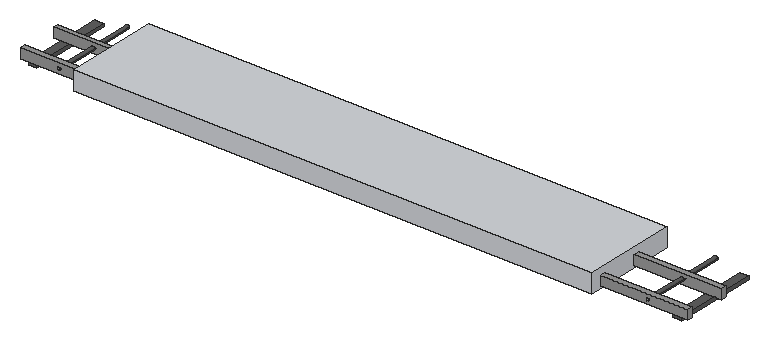
Revit family "1212-2, Solid", category Generic Models, host Face, Revit 2020
Family settings
  Host = Face
  Can host rebar = No
  Round Connector Dimension = Use Diameter
  Part Type = Normal
  Cut with Voids When Loaded = No
  Shared = No
  Room Calculation Point = No
Parameters
  min_value [instance] = 1' - 11 1/4"  # constant formula
  max_value [instance] = 11' - 11 1/4"  # constant formula
  actual_value [instance] = if(NET LENGTH < min_value, min_value, if(NET LENGTH > max_value, max_value, NET LENGTH))  # 7' - 11 1/4"
  NET LENGTH [instance] = 7' - 11 1/4"
  IMPORTANT NOTE!!!                                                                             *Backer & dowel layout is for visualization purposes only, final layout to be determined by 9Wood. [instance] = ""
  Default Elevation = 4' - 0"
  DOWEL RADIUS [instance] = 0' - 0 1/4"  # constant formula
  BACKING M MATERIAL [instance] = BLACK-BACKERS
  .. MEMBER WIDTH [instance] = 0' - 0 3/4"  # constant formula
  .. MEMBER MATERIAL [instance] = Solid Western Hemlock
  .. MEMBER DEPTH [instance] = 0' - 1 3/8"  # constant formula
  .. MEMBER COUNT [instance] = 2  # constant formula
Reference planes (in)
  plane 1 "Center (Front/Back)": y = 0
  plane 2: z = 2.726
  plane 3 "Center (Left/Right)": x = 0
Forms (in)
  Extrusion 1, solid
    sketch origin (15, -0.86619, -0.99308) x (0, 1, 0) y (-1, 0, 0)
      loop
        line (3.42869, -23.66817) -> (3.42869, 50.25) -> (-10, 50.25) -> (-10, -23.66817) -> (3.42869, -23.66817)
    from 3.71908 to 1.00111
Dimensions and locks (in)
  aligned and locked: plane 2 to Extrusion 1
Nested families (in)
  nested 1: "1200 Series" at (-44, -2, 1.87867), NET LENGTH <- "actual_value", DOWEL RADII <- "DOWEL RADIUS", .. MEMBER WIDTH <- ".. MEMBER WIDTH", .. MEMBER DEPTH <- ".. MEMBER DEPTH", .. MEMBER MATERIAL <- ".. MEMBER MATERIAL", BACKING M MATERIAL <- "BACKING M MATERIAL", .. MEMBER COUNT <- ".. MEMBER COUNT", type "1200 Series"
    with X 7' - 4", WIDTH 1' - 0 1/16", Space 0' - 0 11/16", START 0' - 0 3/8", SCRIM MATERIAL SCRIM, SCRIM 3 8' - 1", SCRIM 2 0' - 0 7/8", SCRIM 1 0' - 0 3/32", SCRIM yes, NET LENGTH 7' - 11 1/4", N 8, INSET 3 0' - 0 3/16", INSET 0' - 1", INDEX 0' - 5 5/8", END BACKER yes, DOWEL RADII 0' - 0 1/4", DOWEL COUNT 8, BACKING M WIDTH 0' - 1 1/4", BACKING M MATERIAL BLACK-BACKERS, BACKING M LENGTH 0' - 11 7/8", BACKING M DEPTH 0' - 0 1/2", .. MEMBER WIDTH 0' - 0 3/4", .. MEMBER OC TYP 0' - 6", .. MEMBER MATERIAL Solid Western Hemlock, .. MEMBER DEPTH 0' - 1 3/8", .. MEMBER COUNT 2
Definition of nested family "1200 Series"
  Parameters (values of type "1200 Series")
    X [instance] = NET LENGTH - (0' 3 5/8" * 2)  # 6' - 2"
    WIDTH [instance] = 1' - 0 1/16"
    Space [instance] = 0' - 0 11/16"  # constant formula
    START [instance] = .. MEMBER WIDTH / 2  # 0' - 0 3/8"
    SCRIM MATERIAL [instance] = none
    SCRIM 3 [instance] = NET LENGTH + (SCRIM 2 * 2)  # 6' - 11"
    SCRIM 2 [instance] = 0' - 0 7/8"
    SCRIM 1 [instance] = 0' - 0 3/32"
    SCRIM [instance] = yes
    NET LENGTH [instance] = 6' - 9 1/4"
    N [instance] = if((X - (rounddown(X / 1' 0") * 1' 0")) > 1' 0", rounddown(X / 1' 0") + 2, rounddown(X / 1' 0") + 1)  # 7
    INSET 3 [instance] = 0' - 0 3/16"
    INSET [instance] = 0' - 1"
    INDEX [instance] = (NET LENGTH - ((N - 1) * 1' 0")) / 2  # 0' - 4 5/8"
    END BACKER [instance] = yes
    Default Elevation = 0' - 0"
    DOWEL RADII [instance] = 0' - 0 1/4"
    DOWEL COUNT [instance] = N  # 7
    BACKING M WIDTH [instance] = 0' - 1 1/4"
    BACKING M MATERIAL [instance] = none
    BACKING M LENGTH [instance] = 0' - 11 7/8"
    BACKING M DEPTH [instance] = 0' - 0 1/2"
    .. MEMBER WIDTH [instance] = 0' - 0 3/4"
    .. MEMBER OC TYP [instance] = 1' 0" / .. MEMBER COUNT  # 0' - 3"
    .. MEMBER MATERIAL [instance] = none
    .. MEMBER DEPTH [instance] = 0' - 1 3/8"
    .. MEMBER COUNT [instance] = 4
  Reference planes (in)
    plane 1 "Center (Front/Back)": y = -7.5
    plane 2: z = 0
    plane 3 "Center (Left/Right)": x = 0
    plane 4: x = 1
    plane 5: x = 4.625
    plane 6: x = 81.25
    plane 7: x = 80.25
    plane 8: x = 16.625
    plane 9: y = -7.3125
    plane 10: y = -4.125
    plane 11: y = -7.125
    plane 12: y = 4.5625
    plane 13: y = -4.5
    plane 14: y = -7.59375
    plane 15: x = 82.125
    plane 16: y = 4.65625
    plane 17: x = -0.875
    plane 18: z = -1.375
    plane 19: z = -0.6875
  Lines and regions (in)
    model lines
      curve 1: line (4.375, -7.5, -0.6875) -> (4.875, -7.5, -0.6875)
    model lines, not visible
      curve 2: line (4.625, -7.5, -0.9375) -> (4.625, -7.5, -0.4375)
      curve 3: line (4.375, -7.5, -0.6875) -> (4.875, -7.5, -0.6875)
      curve 4: line (16.625, -7.5, -0.9375) -> (16.625, -7.5, -0.4375)
      curve 5: line (16.375, -7.5, -0.6875) -> (16.875, -7.5, -0.6875)
      curve 6: line (28.625, -7.5, -0.9375) -> (28.625, -7.5, -0.4375)
      curve 7: line (28.375, -7.5, -0.6875) -> (28.875, -7.5, -0.6875)
      curve 8: line (40.625, -7.5, -0.9375) -> (40.625, -7.5, -0.4375)
      curve 9: line (40.375, -7.5, -0.6875) -> (40.875, -7.5, -0.6875)
      curve 10: line (52.625, -7.5, -0.9375) -> (52.625, -7.5, -0.4375)
      curve 11: line (52.375, -7.5, -0.6875) -> (52.875, -7.5, -0.6875)
      curve 12: line (64.625, -7.5, -0.9375) -> (64.625, -7.5, -0.4375)
      curve 13: line (64.375, -7.5, -0.6875) -> (64.875, -7.5, -0.6875)
      curve 14: line (76.625, -7.5, -0.9375) -> (76.625, -7.5, -0.4375)
      curve 15: line (76.375, -7.5, -0.6875) -> (76.875, -7.5, -0.6875)
  Dimensions and locks (in)
    "NET LENGTH": plane 3 "Center (Left/Right)" to plane 6
    "INSET": plane 7 to plane 6
    "INDEX": plane 3 "Center (Left/Right)" to plane 5
    plane 5 to plane 8 = 1' - 0"
    "INSET 3": plane 1 "Center (Front/Back)" to plane 9
    equal spacing: group 1, group 2, group 3, group 4  (x3)
    "START": plane 11 to plane 1 "Center (Front/Back)"
    ".. MEMBER OC TYP": plane 10 to plane 11
    "WIDTH": plane 12 to plane 1 "Center (Front/Back)"
    "START": plane 10 to plane 13
    "SCRIM 1": plane 14 to plane 1 "Center (Front/Back)"
    "SCRIM 2": plane 6 to plane 15
    "SCRIM 1": plane 12 to plane 16
    "SCRIM 2": plane 17 to plane 3 "Center (Left/Right)"
    "INSET": plane 3 "Center (Left/Right)" to plane 4
    equal spacing: group 5, group 6, group 7, group 8, group 9, group 10, group 11  (x3)
    "Space": plane 19 to plane 18
    aligned and locked: level to plane 2
    aligned and locked: nested 1 to plane 4  (x2)
    aligned and locked: plane 7 to nested 2
    aligned and locked: plane 5 to nested 3
    aligned and locked: nested 1 to plane 9
    aligned and locked: plane 1 "Center (Front/Back)" to nested 4
    aligned and locked: plane 9 to nested 2
    aligned and locked: plane 13 to nested 5
    aligned and locked: nested 3 to plane 9
    aligned and locked: plane 18 to nested 1
    aligned and locked: plane 19 to nested 3
    aligned and locked: curve 1 to plane 19
    aligned and locked: plane 8 to curve 4
    aligned and locked: curve 5 to plane 19
    aligned and locked: nested 4 to plane 18
  Automatic sketch dimensions
    curve 1 to curve 1 = 0' - 0 1/2"
    curve 1 to plane 5 = 0' - 0 1/4"
    plane 5 to curve 1 = 0' - 0 1/4"
    curve 3 to curve 2 = 0' - 0 1/4"  (x2)
    curve 2 to curve 3 = 0' - 0 1/4"  (x2)
    curve 5 to curve 4 = 0' - 0 1/4"  (x2)
    curve 4 to curve 5 = 0' - 0 1/4"  (x2)
    curve 7 to curve 6 = 0' - 0 1/4"  (x2)
    curve 6 to curve 7 = 0' - 0 1/4"  (x2)
    curve 9 to curve 8 = 0' - 0 1/4"  (x2)
    curve 8 to curve 9 = 0' - 0 1/4"  (x2)
    curve 11 to curve 10 = 0' - 0 1/4"  (x2)
    curve 10 to curve 11 = 0' - 0 1/4"  (x2)
    curve 13 to curve 12 = 0' - 0 1/4"  (x2)
    curve 12 to curve 13 = 0' - 0 1/4"  (x2)
    curve 15 to curve 14 = 0' - 0 1/4"  (x2)
    curve 14 to curve 15 = 0' - 0 1/4"  (x2)
  Nested families (in)
    nested 1: "INSTANCE - 2ND -  EXTEND SIDE H CENTER W - Parametric Cube" at (1, -1.375, -1.375) x (0, -1, 0) z (0, 0, 1), Width <- "BACKING M LENGTH", Length <- "BACKING M WIDTH", Material <- "BACKING M MATERIAL", Height <- "BACKING M DEPTH", visible <- "END BACKER", type "INSTANCE - 2ND -  EXTEND SIDE H CENTER W - Parametric Cube"
      with Width 0' - 11 7/8", Material none, Length 0' - 1 1/4", Height 0' - 0 1/2"
    nested 2: "INSTANCE - 2ND -  EXTEND SIDE H CENTER W - Parametric Cube" at (80.25, -1.375, -1.375) x (0, -1, 0) z (0, 0, 1), Width <- "BACKING M LENGTH", Length <- "BACKING M WIDTH", Material <- "BACKING M MATERIAL", Height <- "BACKING M DEPTH", visible <- "END BACKER", type "INSTANCE - 2ND -  EXTEND SIDE H CENTER W - Parametric Cube"
      with Width 0' - 11 7/8", Material none, Length 0' - 1 1/4", Height 0' - 0 1/2"
    nested 3: "Family3" at (-5.375, -7.3125, -0.6875), DOWEL RADII <- "DOWEL RADII", BACKING MEM MATERIAL <- "BACKING M MATERIAL", type "Family3"
      with DOWEL RADII 0' - 0 1/4", DOWEL LENGTH 0' - 11 7/8", BACKING MEM MATERIAL none
    nested 4: "HOLED MEMBER" at (0, -18.75, 6.19404), DOWEL RADII <- "DOWEL RADII", .. MEMBER LENGTH <- "NET LENGTH", DOWEL COUNT <- "DOWEL COUNT", DEPTH <- ".. MEMBER DEPTH", .. MEMBER WIDTH <- ".. MEMBER WIDTH", Material <- ".. MEMBER MATERIAL", DOWEL INDEX <- "INDEX", Space 2 <- "Space", type "HOLED MEMBER"
      with Width 0' - 6", Space 2 0' - 0 11/16", Material none, Length 1' - 0", Height 0' - 10.43096", DOWEL RADII 0' - 0 1/4", DOWEL OC DIST 1' - 0", DOWEL INDEX 0' - 4 5/8", DOWEL COUNT 7, DEPTH 0' - 1 3/8", .. MEMBER WIDTH 0' - 0 3/4", .. MEMBER LENGTH 6' - 9 1/4"
    nested 5: "HOLED MEMBER" at (0, -15.75, 6.19404), DOWEL RADII <- "DOWEL RADII", .. MEMBER LENGTH <- "NET LENGTH", DOWEL COUNT <- "DOWEL COUNT", DEPTH <- ".. MEMBER DEPTH", .. MEMBER WIDTH <- ".. MEMBER WIDTH", Material <- ".. MEMBER MATERIAL", DOWEL INDEX <- "INDEX", Space 2 <- "Space", type "HOLED MEMBER"
      with Width 0' - 6", Space 2 0' - 0 11/16", Material none, Length 1' - 0", Height 0' - 10.43096", DOWEL RADII 0' - 0 1/4", DOWEL OC DIST 1' - 0", DOWEL INDEX 0' - 4 5/8", DOWEL COUNT 7, DEPTH 0' - 1 3/8", .. MEMBER WIDTH 0' - 0 3/4", .. MEMBER LENGTH 6' - 9 1/4"
    nested 6: "HOLED MEMBER" at (0, -12.75, 6.19404), DOWEL RADII <- "DOWEL RADII", .. MEMBER LENGTH <- "NET LENGTH", DOWEL COUNT <- "DOWEL COUNT", DEPTH <- ".. MEMBER DEPTH", .. MEMBER WIDTH <- ".. MEMBER WIDTH", Material <- ".. MEMBER MATERIAL", DOWEL INDEX <- "INDEX", Space 2 <- "Space", type "HOLED MEMBER"
      with Width 0' - 6", Space 2 0' - 0 11/16", Material none, Length 1' - 0", Height 0' - 10.43096", DOWEL RADII 0' - 0 1/4", DOWEL OC DIST 1' - 0", DOWEL INDEX 0' - 4 5/8", DOWEL COUNT 7, DEPTH 0' - 1 3/8", .. MEMBER WIDTH 0' - 0 3/4", .. MEMBER LENGTH 6' - 9 1/4"
    nested 7: "HOLED MEMBER" at (0, -9.75, 6.19404), DOWEL RADII <- "DOWEL RADII", .. MEMBER LENGTH <- "NET LENGTH", DOWEL COUNT <- "DOWEL COUNT", DEPTH <- ".. MEMBER DEPTH", .. MEMBER WIDTH <- ".. MEMBER WIDTH", Material <- ".. MEMBER MATERIAL", DOWEL INDEX <- "INDEX", Space 2 <- "Space", type "HOLED MEMBER"
      with Width 0' - 6", Space 2 0' - 0 11/16", Material none, Length 1' - 0", Height 0' - 10.43096", DOWEL RADII 0' - 0 1/4", DOWEL OC DIST 1' - 0", DOWEL INDEX 0' - 4 5/8", DOWEL COUNT 7, DEPTH 0' - 1 3/8", .. MEMBER WIDTH 0' - 0 3/4", .. MEMBER LENGTH 6' - 9 1/4"
    nested 8: "Family3" at (6.625, -7.3125, -0.6875), DOWEL RADII <- "DOWEL RADII", BACKING MEM MATERIAL <- "BACKING M MATERIAL", type "Family3"
      with DOWEL RADII 0' - 0 1/4", DOWEL LENGTH 0' - 11 7/8", BACKING MEM MATERIAL none
    nested 9: "Family3" at (18.625, -7.3125, -0.6875), DOWEL RADII <- "DOWEL RADII", BACKING MEM MATERIAL <- "BACKING M MATERIAL", type "Family3"
      with DOWEL RADII 0' - 0 1/4", DOWEL LENGTH 0' - 11 7/8", BACKING MEM MATERIAL none
    nested 10: "Family3" at (30.625, -7.3125, -0.6875), DOWEL RADII <- "DOWEL RADII", BACKING MEM MATERIAL <- "BACKING M MATERIAL", type "Family3"
      with DOWEL RADII 0' - 0 1/4", DOWEL LENGTH 0' - 11 7/8", BACKING MEM MATERIAL none
    nested 11: "Family3" at (42.625, -7.3125, -0.6875), DOWEL RADII <- "DOWEL RADII", BACKING MEM MATERIAL <- "BACKING M MATERIAL", type "Family3"
      with DOWEL RADII 0' - 0 1/4", DOWEL LENGTH 0' - 11 7/8", BACKING MEM MATERIAL none
    nested 12: "Family3" at (54.625, -7.3125, -0.6875), DOWEL RADII <- "DOWEL RADII", BACKING MEM MATERIAL <- "BACKING M MATERIAL", type "Family3"
      with DOWEL RADII 0' - 0 1/4", DOWEL LENGTH 0' - 11 7/8", BACKING MEM MATERIAL none
    nested 13: "Family3" at (66.625, -7.3125, -0.6875), DOWEL RADII <- "DOWEL RADII", BACKING MEM MATERIAL <- "BACKING M MATERIAL", type "Family3"
      with DOWEL RADII 0' - 0 1/4", DOWEL LENGTH 0' - 11 7/8", BACKING MEM MATERIAL none
  Definition of nested family "INSTANCE - 2ND -  EXTEND SIDE H CENTER W - Parametric Cube"
    Parameters (values of type "INSTANCE - 2ND -  EXTEND SIDE H CENTER W - Parametric Cube")
      Width [instance] = 0' - 6"
      Material [instance] = none
      Length [instance] = 1' - 0"
      Height [instance] = 1' - 6"
      Default Elevation = 0' - 0"
    Reference planes (in)
      plane 1 "Center (Front/Back)": y = 0
      plane 2: z = 0
      plane 3 "Center (Left/Right)": x = 0
      plane 4: x = -3
      plane 5: x = 3
      plane 6: y = 12
      plane 7: z = -18
    Forms (in)
      Extrusion 1, solid, material <- "Material"
        sketch origin (0, 6, 0) x (1, 0, 0) y (0, 1, 0)
          loop
            line (-3, 6) -> (-3, -6) -> (3, -6) -> (3, 6) -> (-3, 6)
        from -18 to 0
    Dimensions and locks (in)
      equal spacing: plane 4, plane 3 "Center (Left/Right)", plane 5
      "Width": plane 4 to plane 5
      "Height": plane 7 to level
      "Length": plane 1 "Center (Front/Back)" to plane 6
      aligned and locked: plane 2 to level
      aligned and locked: plane 4 to Extrusion 1 sketch curve
      aligned and locked: Extrusion 1 sketch curve to plane 5
      aligned and locked: Extrusion 1 to plane 7
      aligned and locked: plane 6 to Extrusion 1
    Automatic sketch dimensions
      plane 1 "Center (Front/Back)" to Extrusion 1 sketch curve = 0' - 0"
      plane 6 to Extrusion 1 sketch curve = 0' - 0"
  Definition of nested family "Family3"
    Parameters (values of type "Family3")
      Default Elevation = 0' - 0"
      DOWEL RADII [instance] = 0' - 0 5/8"
      DOWEL LENGTH [instance] = 0' - 5"
      BACKING MEM MATERIAL [instance] = none
    Reference planes (in)
      plane 1 "Center (Front/Back)": y = 0
      plane 2: z = 0
      plane 3 "Center (Left/Right)": x = 0
      plane 4: y = 5
    Forms (in)
      Extrusion 1, solid, material <- "BACKING MEM MATERIAL"
        sketch origin (10, 0, 0) x (1, 0, 0) y (0, 0, 1)
          loop
            circle (0, 0) r 0.625
        from 0 to -5
      Extrusion 2, solid, not visible
        sketch origin (0, 0, 0) x (1, 0, 0) y (0, 0, 1)
          loop
            circle (0, 0) r 0.625
        from 0 to 12
      Extrusion 3, solid, not visible
        sketch origin (10, 0, 0) x (1, 0, 0) y (0, 0, 1)
          loop
            circle (0, 0) r 0.625
        from 0 to 2.5
      Extrusion 4, solid, not visible
        sketch origin (10, 0, 0) x (1, 0, 0) y (0, 0, 1)
          loop
            circle (0, 0) r 0.625
        from 0 to -12
    Lines and regions (in)
      model lines, not visible
        curve 1: line (-13, 0, 0) -> (-13, -12, 0)
        curve 2: line (13, 0, 0) -> (13, -12, 0)
        curve 3: line (9.89453, 0, 0) -> (10.08794, 0, 0)
        curve 4: line (9.89453, -2.5, 0) -> (10.08794, -2.5, 0)
        curve 6: line (10, 0, 0) -> (10, 2, 0)
      model lines
        curve 5: line (10, 0, 0) -> (10, 2, 0)
    Dimensions and locks (in)
      "DOWEL LENGTH": plane 1 "Center (Front/Back)" to plane 4
      "DOWEL RADII": radius of Extrusion 1 sketch curve
      "DOWEL RADII": radius of Extrusion 2 sketch curve
      "DOWEL RADII": radius of Extrusion 3 sketch curve
      "DOWEL RADII": radius of Extrusion 4 sketch curve
      "DOWEL RADII": radius of Extrusion 1
      aligned and locked: plane 2 to level
      aligned and locked: Extrusion 1 to plane 1 "Center (Front/Back)"  (x3)
      aligned and locked: plane 1 "Center (Front/Back)" to Extrusion 1
      aligned and locked: plane 4 to Extrusion 1
    Automatic sketch dimensions
      plane 1 "Center (Front/Back)" to curve 5 = 0' - 0"
      curve 5 to plane 1 "Center (Front/Back)" = 0' - 2"
      plane 3 "Center (Left/Right)" to curve 5 = 0' - 10"
      Extrusion 1 sketch curve to level = 0' - 0"
      plane 3 "Center (Left/Right)" to Extrusion 1 sketch curve = 0' - 10"
  Definition of nested family "HOLED MEMBER"
    Parameters (values of type "HOLED MEMBER")
      Width [instance] = 0' - 6"
      Space 2 [instance] = 0' - 0 5/8"
      Space = 0' - 0 5/8"
      Material [instance] = none
      Length [instance] = 1' - 0"
      Height [instance] = 0' - 10.43096"
      Default Elevation = 0' - 0"
      DOWEL RADII [instance] = 0' - 0.34537"
      DOWEL OC DIST [instance] = 1' - 0"
      DOWEL INSET = 0' - 0 5/8"
      DOWEL INDEX [instance] = 0' - 5 5/8"
      DOWEL COUNT [instance] = 6
      DEPTH [instance] = 0' - 2"
      .. MEMBER WIDTH [instance] = 0' - 0 5/8"
      .. MEMBER LENGTH [instance] = 5' - 11 3/4"
    Reference planes (in)
      plane 1 "Center (Front/Back)": y = 12
      plane 2: z = -7.56904
      plane 3 "Center (Left/Right)": x = 0
      plane 4: x = 5.625
      plane 5: x = 17.625
      plane 6: y = 11.375
      plane 7: x = 71.75
      plane 8: z = -6.94404
      plane 9: z = -5.56904
    Forms (in)
      Extrusion 1, solid, material <- "Material"
        sketch origin (0, 12, -13.56904) x (1, 0, 0) y (0, 0, 1)
          loop
            line (0, 6) -> (71.75, 6) -> (71.75, 8) -> (0, 8) -> (0, 6)
        from 0.625 to 0
      Extrusion 2, void
        sketch origin (0, 12, -18.31904) x (1, 0, 0) y (0, 0, 1)
          loop
            circle (5.625, 11.375) r 0.34537
        from 0 to 12
      Extrusion 3, void, not visible
        sketch origin (0, 1.25, 0) x (1, 0, 0) y (0, 1, 0)
          loop
            circle (5.625, 11.375) r 0.34537
        from 0 to 12
      Extrusion 4, void, not visible
        sketch origin (0, 1.25, 0) x (1, 0, 0) y (0, 1, 0)
          loop
            circle (5.625, 11.375) r 0.34537
        from 0 to 12
      Extrusion 5, void, not visible
        sketch origin (12, 1.25, 0) x (1, 0, 0) y (0, 1, 0)
          loop
            circle (5.625, 11.375) r 0.34537
        from 0 to 12
      Extrusion 6, void, not visible
        sketch origin (0, 12, -16.31904) x (1, 0, 0) y (0, 0, 1)
          loop
            circle (5.625, 11.375) r 0.34537
        from 0 to 12
      Extrusion 7, void, not visible
        sketch origin (12, 12, -16.31904) x (1, 0, 0) y (0, 0, 1)
          loop
            circle (5.625, 11.375) r 0.34537
        from 0 to 12
      Extrusion 8, void, not visible
        sketch origin (0, 12, -18.31904) x (1, 0, 0) y (0, 0, 1)
          loop
            circle (5.625, 11.375) r 0.34537
        from 0 to 12
      Extrusion 9, void
        sketch origin (12, 12, -18.31904) x (1, 0, 0) y (0, 0, 1)
          loop
            circle (5.625, 11.375) r 0.34537
        from 0 to 12
      Extrusion 10, void, not visible
        sketch origin (24, 12, -16.31904) x (1, 0, 0) y (0, 0, 1)
          loop
            circle (5.625, 11.375) r 0.34537
        from 0 to 12
      Extrusion 11, void, not visible
        sketch origin (36, 12, -16.31904) x (1, 0, 0) y (0, 0, 1)
          loop
            circle (5.625, 11.375) r 0.34537
        from 0 to 12
      Extrusion 12, void, not visible
        sketch origin (48, 12, -16.31904) x (1, 0, 0) y (0, 0, 1)
          loop
            circle (5.625, 11.375) r 0.34537
        from 0 to 12
      Extrusion 13, void, not visible
        sketch origin (60, 12, -16.31904) x (1, 0, 0) y (0, 0, 1)
          loop
            circle (5.625, 11.375) r 0.34537
        from 0 to 12
      Extrusion 14, void, not visible
        sketch origin (24, 1.25, 0) x (1, 0, 0) y (0, 1, 0)
          loop
            circle (5.625, 11.375) r 0.34537
        from 0 to 12
      Extrusion 15, void, not visible
        sketch origin (36, 1.25, 0) x (1, 0, 0) y (0, 1, 0)
          loop
            circle (5.625, 11.375) r 0.34537
        from 0 to 12
      Extrusion 16, void, not visible
        sketch origin (48, 1.25, 0) x (1, 0, 0) y (0, 1, 0)
          loop
            circle (5.625, 11.375) r 0.34537
        from 0 to 12
      Extrusion 17, void, not visible
        sketch origin (60, 1.25, 0) x (1, 0, 0) y (0, 1, 0)
          loop
            circle (5.625, 11.375) r 0.34537
        from 0 to 12
      Extrusion 18, void
        sketch origin (24, 12, -18.31904) x (1, 0, 0) y (0, 0, 1)
          loop
            circle (5.625, 11.375) r 0.34537
        from 0 to 12
      Extrusion 19, void
        sketch origin (36, 12, -18.31904) x (1, 0, 0) y (0, 0, 1)
          loop
            circle (5.625, 11.375) r 0.34537
        from 0 to 12
      Extrusion 20, void
        sketch origin (48, 12, -18.31904) x (1, 0, 0) y (0, 0, 1)
          loop
            circle (5.625, 11.375) r 0.34537
        from 0 to 12
      Extrusion 21, void
        sketch origin (60, 12, -18.31904) x (1, 0, 0) y (0, 0, 1)
          loop
            circle (5.625, 11.375) r 0.34537
        from 0 to 12
    Cuts and joins
      Extrusion 2, Extrusion 9, Extrusion 18, Extrusion 19, Extrusion 20, Extrusion 21 cuts Extrusion 1
    Lines and regions (in)
      model lines, not visible
        curve 1: line (5.625, 11.72037, 0) -> (5.625, 11.02963, 0)
        curve 2: line (5.625, 11.72037, 0) -> (5.625, 11.02963, 0)
        curve 3: line (17.625, 11.72037, 0) -> (17.625, 11.02963, 0)
        curve 4: line (5.625, 12, -7.56904) -> (5.625, 11.87317, -7.56904)
        curve 5: line (5.625, 11.87317, -7.56904) -> (5.06195, 11.87317, -7.56904)
        curve 6: line (5.06195, 11.87317, -7.56904) -> (5.27963, 11.375, -7.56904)
        curve 7: line (0, 12, -6.19404) -> (0, 11.61951, -6.19404)
        curve 8: line (0, 11.375, -8.19404) -> (0, 11.6747, -8.19404)
        curve 9: line (5.625, 12, -7.56904) -> (5.625, 11.69863, -7.56904)
        curve 11: line (5.625, 12, 0) -> (5.625, 12, 0.30137)
        curve 12: line (5.625, 12, 0) -> (5.625, 12, 0.30137)
        curve 13: line (17.625, 12, 0) -> (17.625, 12, 0.30137)
        curve 14: line (5.625, 12, -5.56904) -> (5.625, 11.69863, -5.56904)
        curve 15: line (17.625, 12, -5.56904) -> (17.625, 11.69863, -5.56904)
        curve 16: line (5.625, 12, -7.56904) -> (5.625, 11.69863, -7.56904)
        curve 18: line (29.625, 12, -5.56904) -> (29.625, 11.69863, -5.56904)
        curve 19: line (41.625, 12, -5.56904) -> (41.625, 11.69863, -5.56904)
        curve 20: line (53.625, 12, -5.56904) -> (53.625, 11.69863, -5.56904)
        curve 21: line (65.625, 12, -5.56904) -> (65.625, 11.69863, -5.56904)
        curve 22: line (29.625, 11.72037, 0) -> (29.625, 11.02963, 0)
        curve 23: line (29.625, 12, 0) -> (29.625, 12, 0.30137)
        curve 24: line (41.625, 11.72037, 0) -> (41.625, 11.02963, 0)
        curve 25: line (41.625, 12, 0) -> (41.625, 12, 0.30137)
        curve 26: line (53.625, 11.72037, 0) -> (53.625, 11.02963, 0)
        curve 27: line (53.625, 12, 0) -> (53.625, 12, 0.30137)
        curve 28: line (65.625, 11.72037, 0) -> (65.625, 11.02963, 0)
        curve 29: line (65.625, 12, 0) -> (65.625, 12, 0.30137)
        curve 35: line (5.27963, 12.625, 0) -> (5.97037, 12.625, 0)
        curve 36: line (5.27963, 12.625, 0) -> (5.97037, 12.625, 0)
        curve 37: line (17.27963, 12.625, 0) -> (17.97037, 12.625, 0)
        curve 38: line (5.27963, 12, -4.94404) -> (5.97037, 12, -4.94404)
        curve 39: line (17.27963, 12, -4.94404) -> (17.97037, 12, -4.94404)
        curve 40: line (5.27963, 12, -6.94404) -> (5.97037, 12, -6.94404)
        curve 42: line (29.27963, 12, -4.94404) -> (29.97037, 12, -4.94404)
        curve 43: line (41.27963, 12, -4.94404) -> (41.97037, 12, -4.94404)
        curve 44: line (53.27963, 12, -4.94404) -> (53.97037, 12, -4.94404)
        curve 45: line (65.27963, 12, -4.94404) -> (65.97037, 12, -4.94404)
        curve 46: line (29.27963, 12.625, 0) -> (29.97037, 12.625, 0)
        curve 47: line (41.27963, 12.625, 0) -> (41.97037, 12.625, 0)
        curve 48: line (53.27963, 12.625, 0) -> (53.97037, 12.625, 0)
        curve 49: line (65.27963, 12.625, 0) -> (65.97037, 12.625, 0)
        curve 54: line (0, 12, -6.94404) -> (0, 4.22059, -6.94404)
        curve 55: line (0, 12.625, 0) -> (0, 12.625, 7.77941)
        curve 56: line (0, 12.625, 0) -> (0, 12.625, 7.77941)
        curve 57: line (12, 12.625, 0) -> (12, 12.625, 7.77941)
        curve 58: line (0, 12, -4.94404) -> (0, 4.22059, -4.94404)
        curve 59: line (12, 12, -4.94404) -> (12, 4.22059, -4.94404)
        curve 60: line (0, 12, -6.94404) -> (0, 4.22059, -6.94404)
        curve 61: line (12, 12, -6.94404) -> (12, 4.22059, -6.94404)
        curve 62: line (24, 12, -4.94404) -> (24, 4.22059, -4.94404)
        curve 63: line (36, 12, -4.94404) -> (36, 4.22059, -4.94404)
        curve 64: line (48, 12, -4.94404) -> (48, 4.22059, -4.94404)
        curve 65: line (60, 12, -4.94404) -> (60, 4.22059, -4.94404)
        curve 66: line (24, 12.625, 0) -> (24, 12.625, 7.77941)
        curve 67: line (36, 12.625, 0) -> (36, 12.625, 7.77941)
        curve 68: line (48, 12.625, 0) -> (48, 12.625, 7.77941)
        curve 69: line (60, 12.625, 0) -> (60, 12.625, 7.77941)
        curve 70: line (24, 12, -6.94404) -> (24, 4.22059, -6.94404)
        curve 71: line (36, 12, -6.94404) -> (36, 4.22059, -6.94404)
        curve 72: line (48, 12, -6.94404) -> (48, 4.22059, -6.94404)
        curve 73: line (60, 12, -6.94404) -> (60, 4.22059, -6.94404)
      model lines
        curve 10: line (5.625, 12, -7.56904) -> (5.625, 11.69863, -7.56904)
        curve 17: line (17.625, 12, -7.56904) -> (17.625, 11.69863, -7.56904)
        curve 30: line (29.625, 12, -7.56904) -> (29.625, 11.69863, -7.56904)
        curve 31: line (41.625, 12, -7.56904) -> (41.625, 11.69863, -7.56904)
        curve 32: line (53.625, 12, -7.56904) -> (53.625, 11.69863, -7.56904)
        curve 33: line (65.625, 12, -7.56904) -> (65.625, 11.69863, -7.56904)
        curve 34: line (5.27963, 12, -6.94404) -> (5.97037, 12, -6.94404)
        curve 41: line (17.27963, 12, -6.94404) -> (17.97037, 12, -6.94404)
        curve 50: line (29.27963, 12, -6.94404) -> (29.97037, 12, -6.94404)
        curve 51: line (41.27963, 12, -6.94404) -> (41.97037, 12, -6.94404)
        curve 52: line (53.27963, 12, -6.94404) -> (53.97037, 12, -6.94404)
        curve 53: line (65.27963, 12, -6.94404) -> (65.97037, 12, -6.94404)
    Dimensions and locks (in)
      "DOWEL INDEX": plane 3 "Center (Left/Right)" to plane 4
      "DOWEL OC DIST": plane 4 to plane 5
      ".. MEMBER LENGTH": plane 3 "Center (Left/Right)" to plane 7
      equal spacing: group 3, group 4, group 17, group 18, group 19, group 20  (x3)
      equal spacing: group 7, group 8, group 13, group 14, group 15, group 16  (x3)
      equal spacing: group 1, group 12, group 21, group 22, group 23, group 24  (x3)
      ".. MEMBER WIDTH": plane 6 to plane 1 "Center (Front/Back)"
      "DEPTH": plane 9 to level
      "Space 2": plane 8 to level
      "DOWEL RADII": radius of Extrusion 2 sketch curve
      "DOWEL RADII": radius of Extrusion 3 sketch curve
      "DOWEL RADII": radius of Extrusion 4 sketch curve
      "DOWEL RADII": radius of Extrusion 5 sketch curve
      "DOWEL RADII": radius of Extrusion 6 sketch curve
      "DOWEL RADII": radius of Extrusion 7 sketch curve
      "DOWEL RADII": radius of Extrusion 8 sketch curve
      "DOWEL RADII": radius of Extrusion 9 sketch curve
      "DOWEL RADII": radius of Extrusion 10 sketch curve
      "DOWEL RADII": radius of Extrusion 11 sketch curve
      "DOWEL RADII": radius of Extrusion 12 sketch curve
      "DOWEL RADII": radius of Extrusion 13 sketch curve
      "DOWEL RADII": radius of Extrusion 14 sketch curve
      "DOWEL RADII": radius of Extrusion 15 sketch curve
      "DOWEL RADII": radius of Extrusion 16 sketch curve
      "DOWEL RADII": radius of Extrusion 17 sketch curve
      "DOWEL RADII": radius of Extrusion 18 sketch curve
      "DOWEL RADII": radius of Extrusion 19 sketch curve
      "DOWEL RADII": radius of Extrusion 20 sketch curve
      "DOWEL RADII": radius of Extrusion 21 sketch curve
      aligned and locked: level to plane 2
      aligned and locked: Extrusion 1 to plane 3 "Center (Left/Right)"  (x2)
      aligned and locked: plane 7 to cut or joined group of Extrusion 1, Extrusion 2, Extrusion 9, Extrusion 18, Extrusion 19, Extrusion 20, Extrusion 21  (x2)
      aligned and locked: cut or joined group of Extrusion 1, Extrusion 2, Extrusion 9, Extrusion 18, Extrusion 19, Extrusion 20, Extrusion 21 to plane 1 "Center (Front/Back)"  (x2)
      aligned and locked: cut or joined group of Extrusion 1, Extrusion 2, Extrusion 9, Extrusion 18, Extrusion 19, Extrusion 20, Extrusion 21 to plane 6  (x2)
      aligned and locked: plane 4 to curve 10
      aligned and locked: plane 5 to curve 17
      aligned and locked: plane 9 to cut or joined group of Extrusion 1, Extrusion 2, Extrusion 9, Extrusion 18, Extrusion 19, Extrusion 20, Extrusion 21  (x2)
      aligned and locked: cut or joined group of Extrusion 1, Extrusion 2, Extrusion 9, Extrusion 18, Extrusion 19, Extrusion 20, Extrusion 21 to level
      aligned and locked: plane 8 to Extrusion 2
      aligned and locked: curve 34 to plane 8
      aligned and locked: curve 41 to plane 8
      aligned and locked: level to curve 10
      aligned and locked: curve 10 to level
      aligned and locked: plane 8 to cut or joined group of Extrusion 1, Extrusion 2, Extrusion 9, Extrusion 18, Extrusion 19, Extrusion 20, Extrusion 21
      aligned and locked: curve 54 to plane 8
    Automatic sketch dimensions
      curve 1 to curve 1 = 0' - 0.69074"
      curve 2 to curve 2 = 0' - 0.69074"
      curve 3 to curve 3 = 0' - 0.69074"
      Extrusion 1 sketch curve to plane 3 "Center (Left/Right)" = 0' - 0"
      Extrusion 1 sketch curve to plane 7 = 0' - 0"
      Extrusion 1 sketch curve to Extrusion 1 sketch curve = 0' - 2"
      level to Extrusion 1 sketch curve = 0' - 0"
      curve 9 to curve 9 = 0' - 0.30137"
      curve 10 to curve 10 = 0' - 0.30137"
      curve 11 to curve 11 = 0' - 0.30137"
      curve 12 to curve 12 = 0' - 0.30137"
      curve 13 to curve 13 = 0' - 0.30137"
      curve 14 to curve 14 = 0' - 0.30137"
      curve 15 to curve 15 = 0' - 0.30137"
      curve 16 to curve 16 = 0' - 0.30137"
      curve 17 to curve 17 = 0' - 0.30137"
      curve 18 to curve 18 = 0' - 0.30137"
      curve 19 to curve 19 = 0' - 0.30137"
      curve 20 to curve 20 = 0' - 0.30137"
      curve 21 to curve 21 = 0' - 0.30137"
      curve 22 to curve 22 = 0' - 0.69074"
      curve 23 to curve 23 = 0' - 0.30137"
      curve 24 to curve 24 = 0' - 0.69074"
      curve 25 to curve 25 = 0' - 0.30137"
      curve 26 to curve 26 = 0' - 0.69074"
      curve 27 to curve 27 = 0' - 0.30137"
      curve 28 to curve 28 = 0' - 0.69074"
      curve 29 to curve 29 = 0' - 0.30137"
      curve 30 to curve 30 = 0' - 0.30137"
      curve 31 to curve 31 = 0' - 0.30137"
      curve 32 to curve 32 = 0' - 0.30137"
      curve 33 to curve 33 = 0' - 0.30137"
      curve 34 to curve 34 = 0' - 0.69074"
      curve 35 to curve 35 = 0' - 0.69074"
      curve 36 to curve 36 = 0' - 0.69074"
      curve 37 to curve 37 = 0' - 0.69074"
      curve 38 to curve 38 = 0' - 0.69074"
      curve 39 to curve 39 = 0' - 0.69074"
      curve 40 to curve 40 = 0' - 0.69074"
      curve 41 to curve 41 = 0' - 0.69074"
      curve 42 to curve 42 = 0' - 0.69074"
      curve 43 to curve 43 = 0' - 0.69074"
      curve 44 to curve 44 = 0' - 0.69074"
      curve 45 to curve 45 = 0' - 0.69074"
      curve 46 to curve 46 = 0' - 0.69074"
      curve 47 to curve 47 = 0' - 0.69074"
      curve 48 to curve 48 = 0' - 0.69074"
      curve 49 to curve 49 = 0' - 0.69074"
      curve 50 to curve 50 = 0' - 0.69074"
      curve 51 to curve 51 = 0' - 0.69074"
      curve 52 to curve 52 = 0' - 0.69074"
      curve 53 to curve 53 = 0' - 0.69074"
      curve 54 to curve 54 = 0' - 7.77941"
      curve 55 to curve 55 = 0' - 7.77941"
      curve 56 to curve 56 = 0' - 7.77941"
      curve 57 to curve 57 = 0' - 7.77941"
      curve 58 to curve 58 = 0' - 7.77941"
      curve 59 to curve 59 = 0' - 7.77941"
      curve 60 to curve 60 = 0' - 7.77941"
      curve 61 to curve 61 = 0' - 7.77941"
      curve 62 to curve 62 = 0' - 7.77941"
      curve 63 to curve 63 = 0' - 7.77941"
      curve 64 to curve 64 = 0' - 7.77941"
      curve 65 to curve 65 = 0' - 7.77941"
      curve 66 to curve 66 = 0' - 7.77941"
      curve 67 to curve 67 = 0' - 7.77941"
      curve 68 to curve 68 = 0' - 7.77941"
      curve 69 to curve 69 = 0' - 7.77941"
      curve 70 to curve 70 = 0' - 7.77941"
      curve 71 to curve 71 = 0' - 7.77941"
      curve 72 to curve 72 = 0' - 7.77941"
      curve 73 to curve 73 = 0' - 7.77941"
